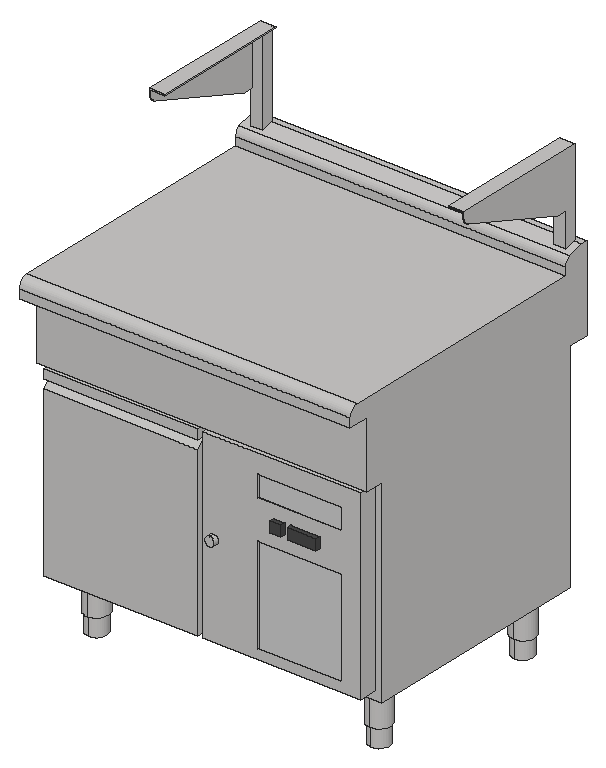
Revit family "QF_MOFFAT WALDORF_BTL8900S-RB", category Specialty Equipment, Revit 2012
Parameters
  Weight in Pounds = 266.759  # constant formula
  Width [instance] = 900.00 mm  # constant formula
  Watts = 250 W
  Volts = 240 V
  URL Cutsheet = "www.moffat.com"
  URL = "www.moffat.com"
  Type Mark [instance] = ""
  Status [instance] = ""
  Specification by User [instance] = ""
  Specification by Manufacturer = ""
  Show Clearance [instance] = yes
  Show Casters [instance] = no
  Serial Number = ""
  Seismic Rating = ""
  SMACNA No = ""
  Revision Code [instance] = ""
  Refrigerant Type = "R134a"
  Phase = 1
  Omniclass Number and Title = ""
  Number of Poles = 1
  NAFEM Spec ID Number = ""
  Model = "BTL8900S-RB"
  Min Ckt Ampacity = 0 A
  Max Overcurrent Protection = 0 A
  Masterspec = ""
  Manufacturer = "MOFFAT WALDORF"
  Legs [instance] = not(Show Casters)  # yes
  Item Number [instance] = ""
  Installed By [instance] = ""
  Identify Quantity as Lot [instance] = yes
  Height = 972.00 mm  # constant formula
  HP = ""
  Furnished By [instance] = ""
  Foodservice Equipment Identifier [instance] = yes
  FL Amps = 1.8 A
  Elec Conn RI Height = 0.00 mm
  Elec Conn Connection Height = 0.00 mm
  Description = "BENCH TOP LOW SPLASHBACK FOR SALAMANDER ON REFRIGERATED BASE"
  Depth [instance] = 805.00 mm  # constant formula
  Cycle = 50 Hz
  Conn Plug = ""
  Conn Conduit = yes
  CSI MasterFormat = ""
  CSI Master Format = ""
  Body Finish [instance] = QF_Finishes_Stainless Steel
  Back Splash [instance] = 215.00 mm  # constant formula
  Apparent Power = if(Phase = 3, Volts * FL Amps * 1.73, Volts * FL Amps)  # 432 VA
Reference planes
  plane 1 "BACK": y = 0
  plane 2: z = 0
  plane 3 "LEFT": x = 0
  plane 4 "RIGHT": x = 900
  plane 5 "FRONT": y = -805
  plane 6 "TOP": z = 972
  plane 7 "Center Y": x = 450
  plane 8 "Center X": y = -402.5
  plane 9 "Base Height": z = 150
  plane 10: z = 915
  plane 11: x = 65
  plane 12: x = 834.938
  plane 13: y = -625
  plane 14: z = 420
  plane 15: y = -135
Forms (mm)
  Extrusion 1, solid, material "QF_Finishes_Stainless Steel" <- "Body Finish"
    sketch origin (0, 0, 0) x (0, 1, 0) y (0, 0, 1)
      loop
        line (-699, 687) -> (-699, 150) -> (-57, 150) -> (-57, 740) -> (0, 740) -> (0, 972) -> (-16.5, 972) -> (-58, 960.88)
        arc (-58, 960.88) -> (-66.785, 952.095) -> (-70, 940.095) r 24
        line (-70, 940.095) -> (-70, 917) -> (-781, 917)
        arc (-781, 917) -> (-797.971, 909.971) -> (-805, 893) r 24
        line (-805, 893) -> (-805, 868) -> (-749, 868) -> (-749, 687) -> (-699, 687)
    from 0 to 900
  Revolve 2, solid, material "QF_Finishes_Stainless Steel", visible <- "Legs"
    sketch origin (65, -200, 0) x (0, 1, 0) y (0, 0, 1)
      loop
        line (33.25, 150) -> (33.25, 50) -> (37.5, 50) -> (37.5, 0) -> (65, 0) -> (65, 150) -> (33.25, 150)
      axis (65, 150) -> (65, 0)
    angle from 0 to 360
  Revolve 3, solid, material "QF_Finishes_Stainless Steel"
    sketch origin (65, -735, 0) x (0, 1, 0) y (0, 0, 1)
      loop
        line (78.25, 150) -> (78.25, 50) -> (82.5, 50) -> (82.5, 0) -> (110, 0) -> (110, 150) -> (78.25, 150)
      axis (110, 150) -> (110, 0)
    angle from 0 to 360
  Revolve 4, solid, material "QF_Finishes_Stainless Steel", visible <- "Legs"
    sketch origin (834.938, -200, 0) x (0, 1, 0) y (0, 0, -1)
      loop
        line (33.25, -150) -> (65, -150) -> (65, 0) -> (37.5, 0) -> (37.5, -50) -> (33.25, -50) -> (33.25, -150)
      axis (65, -150) -> (65, 0)
    angle from 0 to 360
  Revolve 5, solid, material "QF_Finishes_Stainless Steel"
    sketch origin (834.938, -735, 0) x (0, 1, 0) y (0, 0, -1)
      loop
        line (78.25, -150) -> (110, -150) -> (110, 0) -> (82.5, 0) -> (82.5, -50) -> (78.25, -50) -> (78.25, -150)
      axis (110, -150) -> (110, 0)
    angle from 0 to 360
  Extrusion 6, solid, material "QF_Finishes_Stainless Steel" <- "Body Finish"
    sketch origin (0, -70, 1085.255) x (0, 0, -1) y (1, 0, 0)
      loop
        line (400.255, 850) -> (400.255, 50) -> (842.755, 50) -> (842.755, 850) -> (400.255, 850)
      loop
        line (345.255, 0) -> (862.755, 0) -> (862.755, 900) -> (345.255, 900) -> (345.255, 0)
    from 0 to 629
  Extrusion 7, solid, material "QF_Finishes_Stainless Steel" <- "Body Finish"
    sketch origin (0, 0, 0) x (0, 1, 0) y (0, 0, 1)
      loop
        line (-747, 678) -> (-747, 653) -> (-722, 653) -> (-747, 628) -> (-747, 173.1) -> (-702.18, 173.1) -> (-702.18, 678) -> (-747, 678)
    from 19 to 439
  Extrusion 8, solid, material "QF_Finishes_Stainless Steel" <- "Body Finish"
    sketch origin (0, -699, 1085.255) x (0, 0, -1) y (1, 0, 0)
      loop
        line (408.155, 881) -> (408.155, 453) -> (912.155, 453) -> (912.155, 881) -> (408.155, 881)
      loop
        line (887.155, 831) -> (622.155, 831) -> (622.155, 601) -> (887.155, 601) -> (887.155, 831)
      loop
        line (458.155, 831) -> (458.155, 601) -> (518.155, 601) -> (518.155, 831) -> (458.155, 831)
    from 0 to 48
  Extrusion 9, solid, material "QF_Finishes_Vents"
    sketch origin (0, -699, 1085.255) x (0, 0, 1) y (1, 0, 0)
      loop
        line (-518.155, 601) -> (-458.155, 601) -> (-458.155, 831) -> (-518.155, 831) -> (-518.155, 601)
      loop
        line (-622.155, 601) -> (-622.155, 831) -> (-887.155, 831) -> (-887.155, 601) -> (-622.155, 601)
    from 0 to -44.529
  Extrusion 10, solid, material "QF_Finishes_Black"
    sketch origin (0, -747, 1085.255) x (0, 0, -1) y (1, 0, 0)
      loop
        line (552.615, 644.926) -> (582.615, 644.926) -> (582.615, 674.926) -> (552.615, 674.926) -> (552.615, 644.926)
      loop
        line (552.615, 692.503) -> (582.615, 692.503) -> (582.615, 770.815) -> (552.615, 770.815) -> (552.615, 692.503)
    from 0 to 12.7
  Extrusion 11, solid, material "QF_Finishes_Stainless Steel"
    sketch origin (0, -747, 1085.255) x (0, 0, -1) y (1, 0, 0)
      loop
        circle (661.385, 480.856) r 12.395
    from 0 to 12.7
  Extrusion 12, solid, material "QF_Finishes_Stainless Steel"
    sketch origin (-144.5, -57, 740) x (0, 0, -1) y (-1, 0, 0)
      loop
        circle (320, -762.653) r 10
    from 0 to 1.993
  Extrusion 13, solid, material "QF_Finishes_Stainless Steel" <- "Body Finish"
    sketch origin (0, 0, 0) x (0, 1, 0) y (0, 0, 1)
      loop
        line (-13, 1204.5) -> (-45, 1204.5) -> (-45, 964.363) -> (-16.5, 972) -> (-13, 972) -> (-13, 1204.5)
    from 21.5 to 53.5
  Extrusion 14, solid, material "QF_Finishes_Stainless Steel" <- "Body Finish"
    sketch origin (0, 0, 0) x (0, 1, 0) y (0, 0, 1)
      loop
        line (-391, 1207) -> (-391, 1194.344)
        arc (-391, 1194.344) -> (-386.541, 1180.094) -> (-374.754, 1170.927) r 25
        line (-374.754, 1170.927) -> (-70, 1057) -> (-13, 1057) -> (-13, 1207) -> (-391, 1207)
    from 21.5 to 24.592
  Extrusion 15, solid, material "QF_Finishes_Stainless Steel" <- "Body Finish"
    sketch origin (0, -45, 1204.5) x (0, 1, 0) y (-1, 0, 0)
      loop
        line (32, -24.592) -> (-346, -24.592) -> (-346, -64) -> (32, -64) -> (32, -24.592)
    from 0 to 2.5
  Extrusion 16, solid, material "QF_Finishes_Stainless Steel" <- "Body Finish"
    sketch origin (900, 0, 0) x (0, -1, 0) y (0, 0, 1)
      loop
        line (13, 1204.5) -> (13, 972) -> (16.5, 972) -> (45, 964.363) -> (45, 1204.5) -> (13, 1204.5)
    from 21.5 to 53.5
  Extrusion 17, solid, material "QF_Finishes_Stainless Steel" <- "Body Finish"
    sketch origin (900, 0, 0) x (0, -1, 0) y (0, 0, 1)
      loop
        line (391, 1207) -> (13, 1207) -> (13, 1057) -> (70, 1057) -> (374.754, 1170.927)
        arc (374.754, 1170.927) -> (386.541, 1180.094) -> (391, 1194.344) r 25
        line (391, 1194.344) -> (391, 1207)
    from 21.5 to 24.592
  Extrusion 18, solid, material "QF_Finishes_Stainless Steel" <- "Body Finish"
    sketch origin (900, -45, 1204.5) x (0, 1, 0) y (-1, 0, 0)
      loop
        line (32, 24.592) -> (32, 64) -> (-346, 64) -> (-346, 24.592) -> (32, 24.592)
    from 0 to 2.5
  Extrusion 19, solid, material "QF_Clearance", visible <- "Show Clearance", detail levels coarse
    sketch origin (0, -391, 1207) x (0, 1, 0) y (-1, 0, 0)
      loop
        line (378, -21.5) -> (0, -21.5) -> (0, -878.5) -> (378, -878.5) -> (378, -21.5)
    from 0 to 405
  Extrusion 20, solid, material "QF_Door-Drawer Clearances", visible <- "Show Clearance", detail levels coarse
    sketch origin (0, -697, 173.1) x (-1, 0, 0) y (0, 1, 0)
      loop
        line (-18.841, -50.411) -> (-438.841, -50.411)
        arc (-438.841, -50.411) -> (-315.825, -347.396) -> (-18.841, -470.411) r 420
        line (-18.841, -470.411) -> (-18.841, -50.411)
    from 0 to -504.9
Cuts and joins
  joined: Extrusion 1, Extrusion 6
  joined: Extrusion 13, Extrusion 14, Extrusion 15
  joined: Extrusion 16, Extrusion 17, Extrusion 18
Lines and regions (mm)
  Split face 1
    outline origin (900, -16.5, 972) x (-1, 0, 0) y (0, -0.965926, -0.258819)
      loop
        line (770.5, 3.416) -> (770.5, 30.86) -> (750.5, 30.86) -> (750.5, 3.416) -> (770.5, 3.416)
  Split face 2
    outline origin (900, -16.5, 972) x (-1, 0, 0) y (0, -0.965926, -0.258819)
      loop
        line (743.544, 3.416) -> (743.544, 30.86) -> (723.544, 30.86) -> (723.544, 3.416) -> (743.544, 3.416)
  Split face 3
    outline origin (900, -16.5, 972) x (-1, 0, 0) y (0, -0.965926, -0.258819)
      loop
        line (696.446, 3.416) -> (716.446, 3.416) -> (716.446, 30.86) -> (696.446, 30.86) -> (696.446, 3.416)
  Split face 4
    outline origin (900, -16.5, 972) x (-1, 0, 0) y (0, -0.965926, -0.258819)
      loop
        line (669.453, 30.86) -> (669.453, 3.416) -> (689.453, 3.416) -> (689.453, 30.86) -> (669.453, 30.86)
  Split face 5
    outline origin (900, -16.5, 972) x (-1, 0, 0) y (0, -0.965926, -0.258819)
      loop
        line (642.5, 30.86) -> (642.5, 3.416) -> (662.5, 3.416) -> (662.5, 30.86) -> (642.5, 30.86)
  Split face 6
    outline origin (900, -16.5, 972) x (-1, 0, 0) y (0, -0.965926, -0.258819)
      loop
        line (615.5, 30.86) -> (615.5, 3.416) -> (635.5, 3.416) -> (635.5, 30.86) -> (615.5, 30.86)
  Split face 7
    outline origin (900, -16.5, 972) x (-1, 0, 0) y (0, -0.965926, -0.258819)
      loop
        line (588.5, 30.86) -> (588.5, 3.416) -> (608.5, 3.416) -> (608.5, 30.86) -> (588.5, 30.86)
  Split face 8
    outline origin (900, -16.5, 972) x (-1, 0, 0) y (0, -0.965926, -0.258819)
      loop
        line (581.5, 30.86) -> (561.5, 30.86) -> (561.5, 3.416) -> (581.5, 3.416) -> (581.5, 30.86)
  Split face 9
    outline origin (900, -16.5, 972) x (-1, 0, 0) y (0, -0.965926, -0.258819)
      loop
        line (554.5, 3.416) -> (554.5, 30.86) -> (534.5, 30.86) -> (534.5, 3.416) -> (554.5, 3.416)
  Split face 10
    outline origin (900, -16.5, 972) x (-1, 0, 0) y (0, -0.965926, -0.258819)
      loop
        line (507.5, 30.86) -> (507.5, 3.416) -> (527.5, 3.416) -> (527.5, 30.86) -> (507.5, 30.86)
  Split face 11
    outline origin (900, -16.5, 972) x (-1, 0, 0) y (0, -0.965926, -0.258819)
      loop
        line (480.5, 30.86) -> (480.5, 3.416) -> (500.5, 3.416) -> (500.5, 30.86) -> (480.5, 30.86)
  Split face 12
    outline origin (900, -16.5, 972) x (-1, 0, 0) y (0, -0.965926, -0.258819)
      loop
        line (453.5, 30.86) -> (453.5, 3.416) -> (473.5, 3.416) -> (473.5, 30.86) -> (453.5, 30.86)
  Split face 13
    outline origin (900, -16.5, 972) x (-1, 0, 0) y (0, -0.965926, -0.258819)
      loop
        line (426.5, 3.416) -> (446.5, 3.416) -> (446.5, 30.86) -> (426.5, 30.86) -> (426.5, 3.416)
  Split face 14
    outline origin (900, -16.5, 972) x (-1, 0, 0) y (0, -0.965926, -0.258819)
      loop
        line (399.5, 3.416) -> (419.5, 3.416) -> (419.5, 30.86) -> (399.5, 30.86) -> (399.5, 3.416)
  Split face 15
    outline origin (900, -16.5, 972) x (-1, 0, 0) y (0, -0.965926, -0.258819)
      loop
        line (372.5, 3.416) -> (392.5, 3.416) -> (392.5, 30.86) -> (372.5, 30.86) -> (372.5, 3.416)
  Split face 16
    outline origin (900, -16.5, 972) x (-1, 0, 0) y (0, -0.965926, -0.258819)
      loop
        line (345.5, 30.86) -> (345.5, 3.416) -> (365.5, 3.416) -> (365.5, 30.86) -> (345.5, 30.86)
  Split face 17
    outline origin (900, -16.5, 972) x (-1, 0, 0) y (0, -0.965926, -0.258819)
      loop
        line (338.5, 30.86) -> (318.5, 30.86) -> (318.5, 3.416) -> (338.5, 3.416) -> (338.5, 30.86)
  Split face 18
    outline origin (900, -16.5, 972) x (-1, 0, 0) y (0, -0.965926, -0.258819)
      loop
        line (291.5, 3.416) -> (311.5, 3.416) -> (311.5, 30.86) -> (291.5, 30.86) -> (291.5, 3.416)
  Split face 19
    outline origin (900, -16.5, 972) x (-1, 0, 0) y (0, -0.965926, -0.258819)
      loop
        line (264.5, 3.416) -> (284.5, 3.416) -> (284.5, 30.86) -> (264.5, 30.86) -> (264.5, 3.416)
  Split face 20
    outline origin (900, -16.5, 972) x (-1, 0, 0) y (0, -0.965926, -0.258819)
      loop
        line (257.5, 3.416) -> (257.5, 30.86) -> (237.5, 30.86) -> (237.5, 3.416) -> (257.5, 3.416)
  Split face 21
    outline origin (900, -16.5, 972) x (-1, 0, 0) y (0, -0.965926, -0.258819)
      loop
        line (230.5, 30.86) -> (210.5, 30.86) -> (210.5, 3.416) -> (230.5, 3.416) -> (230.5, 30.86)
  Split face 22
    outline origin (900, -16.5, 972) x (-1, 0, 0) y (0, -0.965926, -0.258819)
      loop
        line (183.5, 30.86) -> (183.5, 3.416) -> (203.5, 3.416) -> (203.5, 30.86) -> (183.5, 30.86)
  Split face 23
    outline origin (900, -16.5, 972) x (-1, 0, 0) y (0, -0.965926, -0.258819)
      loop
        line (176.5, 30.86) -> (156.5, 30.86) -> (156.5, 3.416) -> (176.5, 3.416) -> (176.5, 30.86)
  Split face 24
    outline origin (900, -16.5, 972) x (-1, 0, 0) y (0, -0.965926, -0.258819)
      loop
        line (129.5, 30.86) -> (129.5, 3.416) -> (149.5, 3.416) -> (149.5, 30.86) -> (129.5, 30.86)
  symbolic lines
    curve 1: line (0, 0, 0) -> (0, -805, 0)
    curve 2: line (900, 0, 0) -> (0, 0, 0)
    curve 3: line (900, -805, 0) -> (900, 0, 0)
    curve 4: line (0, -70, 0) -> (21.5, -70, 0)
    curve 5: line (0, -805, 0) -> (900, -805, 0)
    curve 6: line (129.5, -50.642, 0) -> (129.5, -22.583, 0)
    curve 7: line (129.5, -22.583, 0) -> (149.5, -22.583, 0)
    curve 8: line (149.5, -22.583, 0) -> (149.5, -50.642, 0)
    curve 9: line (149.5, -50.642, 0) -> (129.5, -50.642, 0)
    curve 10: line (156.456, -50.642, 0) -> (156.456, -22.583, 0)
    curve 11: line (156.456, -22.583, 0) -> (176.456, -22.583, 0)
    curve 12: line (176.456, -22.583, 0) -> (176.456, -50.642, 0)
    curve 13: line (176.456, -50.642, 0) -> (156.456, -50.642, 0)
    curve 14: line (183.554, -50.642, 0) -> (183.554, -22.583, 0)
    curve 15: line (183.554, -22.583, 0) -> (203.554, -22.583, 0)
    curve 16: line (203.554, -22.583, 0) -> (203.554, -50.642, 0)
    curve 17: line (203.554, -50.642, 0) -> (183.554, -50.642, 0)
    curve 18: line (210.547, -50.642, 0) -> (210.547, -22.583, 0)
    curve 19: line (210.547, -22.583, 0) -> (230.547, -22.583, 0)
    curve 20: line (230.547, -22.583, 0) -> (230.547, -50.642, 0)
    curve 21: line (230.547, -50.642, 0) -> (210.547, -50.642, 0)
    curve 22: line (237.5, -50.642, 0) -> (237.5, -22.583, 0)
    curve 23: line (237.5, -22.583, 0) -> (257.5, -22.583, 0)
    curve 24: line (257.5, -22.583, 0) -> (257.5, -50.642, 0)
    curve 25: line (257.5, -50.642, 0) -> (237.5, -50.642, 0)
    curve 26: line (264.5, -50.642, 0) -> (264.5, -22.583, 0)
    curve 27: line (264.5, -22.583, 0) -> (284.5, -22.583, 0)
    curve 28: line (284.5, -22.583, 0) -> (284.5, -50.642, 0)
    curve 29: line (284.5, -50.642, 0) -> (264.5, -50.642, 0)
    curve 30: line (291.5, -50.642, 0) -> (291.5, -22.583, 0)
    curve 31: line (291.5, -22.583, 0) -> (311.5, -22.583, 0)
    curve 32: line (311.5, -22.583, 0) -> (311.5, -50.642, 0)
    curve 33: line (311.5, -50.642, 0) -> (291.5, -50.642, 0)
    curve 34: line (318.5, -50.642, 0) -> (318.5, -22.583, 0)
    curve 35: line (318.5, -22.583, 0) -> (338.5, -22.583, 0)
    curve 36: line (338.5, -22.583, 0) -> (338.5, -50.642, 0)
    curve 37: line (338.5, -50.642, 0) -> (318.5, -50.642, 0)
    curve 38: line (345.5, -50.642, 0) -> (345.5, -22.583, 0)
    curve 39: line (345.5, -22.583, 0) -> (365.5, -22.583, 0)
    curve 40: line (365.5, -22.583, 0) -> (365.5, -50.642, 0)
    curve 41: line (365.5, -50.642, 0) -> (345.5, -50.642, 0)
    curve 42: line (372.5, -50.642, 0) -> (372.5, -22.583, 0)
    curve 43: line (372.5, -22.583, 0) -> (392.5, -22.583, 0)
    curve 44: line (392.5, -22.583, 0) -> (392.5, -50.642, 0)
    curve 45: line (392.5, -50.642, 0) -> (372.5, -50.642, 0)
    curve 46: line (399.5, -50.642, 0) -> (399.5, -22.583, 0)
    curve 47: line (399.5, -22.583, 0) -> (419.5, -22.583, 0)
    curve 48: line (419.5, -22.583, 0) -> (419.5, -50.642, 0)
    curve 49: line (419.5, -50.642, 0) -> (399.5, -50.642, 0)
    curve 50: line (426.5, -50.642, 0) -> (426.5, -22.583, 0)
    curve 51: line (426.5, -22.583, 0) -> (446.5, -22.583, 0)
    curve 52: line (446.5, -22.583, 0) -> (446.5, -50.642, 0)
    curve 53: line (446.5, -50.642, 0) -> (426.5, -50.642, 0)
    curve 54: line (453.5, -50.642, 0) -> (453.5, -22.583, 0)
    curve 55: line (453.5, -22.583, 0) -> (473.5, -22.583, 0)
    curve 56: line (473.5, -22.583, 0) -> (473.5, -50.642, 0)
    curve 57: line (473.5, -50.642, 0) -> (453.5, -50.642, 0)
    curve 58: line (480.5, -50.642, 0) -> (480.5, -22.583, 0)
    curve 59: line (480.5, -22.583, 0) -> (500.5, -22.583, 0)
    curve 60: line (500.5, -22.583, 0) -> (500.5, -50.642, 0)
    curve 61: line (500.5, -50.642, 0) -> (480.5, -50.642, 0)
    curve 62: line (507.5, -50.642, 0) -> (507.5, -22.583, 0)
    curve 63: line (507.5, -22.583, 0) -> (527.5, -22.583, 0)
    curve 64: line (527.5, -22.583, 0) -> (527.5, -50.642, 0)
    curve 65: line (527.5, -50.642, 0) -> (507.5, -50.642, 0)
    curve 66: line (534.5, -50.642, 0) -> (534.5, -22.583, 0)
    curve 67: line (534.5, -22.583, 0) -> (554.5, -22.583, 0)
    curve 68: line (554.5, -22.583, 0) -> (554.5, -50.642, 0)
    curve 69: line (554.5, -50.642, 0) -> (534.5, -50.642, 0)
    curve 70: line (561.5, -50.642, 0) -> (561.5, -22.583, 0)
    curve 71: line (561.5, -22.583, 0) -> (581.5, -22.583, 0)
    curve 72: line (581.5, -22.583, 0) -> (581.5, -50.642, 0)
    curve 73: line (581.5, -50.642, 0) -> (561.5, -50.642, 0)
    curve 74: line (588.5, -50.642, 0) -> (588.5, -22.583, 0)
    curve 75: line (588.5, -22.583, 0) -> (608.5, -22.583, 0)
    curve 76: line (608.5, -22.583, 0) -> (608.5, -50.642, 0)
    curve 77: line (608.5, -50.642, 0) -> (588.5, -50.642, 0)
    curve 78: line (615.5, -50.642, 0) -> (615.5, -22.583, 0)
    curve 79: line (615.5, -22.583, 0) -> (635.5, -22.583, 0)
    curve 80: line (635.5, -22.583, 0) -> (635.5, -50.642, 0)
    curve 81: line (635.5, -50.642, 0) -> (615.5, -50.642, 0)
    curve 82: line (642.5, -50.642, 0) -> (642.5, -22.583, 0)
    curve 83: line (642.5, -22.583, 0) -> (662.5, -22.583, 0)
    curve 84: line (662.5, -22.583, 0) -> (662.5, -50.642, 0)
    curve 85: line (662.5, -50.642, 0) -> (642.5, -50.642, 0)
    curve 86: line (669.5, -50.642, 0) -> (669.5, -22.583, 0)
    curve 87: line (669.5, -22.583, 0) -> (689.5, -22.583, 0)
    curve 88: line (689.5, -22.583, 0) -> (689.5, -50.642, 0)
    curve 89: line (689.5, -50.642, 0) -> (669.5, -50.642, 0)
    curve 90: line (696.5, -50.642, 0) -> (696.5, -22.583, 0)
    curve 91: line (696.5, -22.583, 0) -> (716.5, -22.583, 0)
    curve 92: line (716.5, -22.583, 0) -> (716.5, -50.642, 0)
    curve 93: line (716.5, -50.642, 0) -> (696.5, -50.642, 0)
    curve 94: line (723.5, -50.642, 0) -> (723.5, -22.583, 0)
    curve 95: line (723.5, -22.583, 0) -> (743.5, -22.583, 0)
    curve 96: line (743.5, -22.583, 0) -> (743.5, -50.642, 0)
    curve 97: line (743.5, -50.642, 0) -> (723.5, -50.642, 0)
    curve 98: line (750.5, -50.642, 0) -> (750.5, -22.583, 0)
    curve 99: line (750.5, -22.583, 0) -> (770.5, -22.583, 0)
    curve 100: line (770.5, -22.583, 0) -> (770.5, -50.642, 0)
    curve 101: line (770.5, -50.642, 0) -> (750.5, -50.642, 0)
    curve 102: line (21.5, -391, 0) -> (64, -391, 0)
    curve 103: line (21.5, -13, 0) -> (21.5, -391, 0)
    curve 104: line (64, -391, 0) -> (64, -13, 0)
    curve 105: line (64, -13, 0) -> (21.5, -13, 0)
    curve 106: line (878.5, -391, 0) -> (836, -391, 0)
    curve 107: line (878.5, -13, 0) -> (878.5, -391, 0)
    curve 108: line (836, -391, 0) -> (836, -13, 0)
    curve 109: line (836, -13, 0) -> (878.5, -13, 0)
    curve 114: line (64, -70, 0) -> (836, -70, 0)
    curve 115: line (878.5, -70, 0) -> (900, -70, 0)
  symbolic lines, style "QF_Clearances", visible <- "Show Clearance"
    curve 110: line (878.5, -13, 0) -> (21.5, -13, 0)
    curve 111: line (21.5, -13, 0) -> (21.5, -391, 0)
    curve 112: line (21.5, -391, 0) -> (878.5, -391, 0)
    curve 113: line (878.5, -391, 0) -> (878.5, -13, 0)
  symbolic lines, style "QF_Door-Drawer Clearances"
    curve 116: line (76.429, -805, 0) -> (315.825, -1044.396, 0)
    curve 117: arc (434.874, -805, 0) -> (394.907, -934.424, 0) -> (315.825, -1044.396, 0) r 420
Dimensions and locks
  equal spacing: plane 3 "LEFT", plane 7 "Center Y", plane 4 "RIGHT"
  "Width": plane 3 "LEFT" to plane 4 "RIGHT"
  equal spacing: plane 5 "FRONT", plane 8 "Center X", plane 1 "BACK"
  "Depth": plane 5 "FRONT" to plane 1 "BACK"
  locked: plane 10 to level at 915
  locked: plane 9 "Base Height" to level at 150
  plane 6 "TOP" to plane 10 = 57.00 mm
  plane 12 to plane 11 = 769.938 mm
  "Height": plane 6 "TOP" to level
  Extrusion 19 to level = 1612.00 mm
  plane 13 to plane 15 = 490.00 mm
  aligned and locked: level to plane 2
Automatic sketch dimensions
  Revolve 2 sketch curve to plane 9 "Base Height" = 0.00 mm
  Revolve 2 sketch curve to level = 0.00 mm
  Revolve 2 sketch curve to Revolve 2 sketch curve = 27.50 mm  (x2)
  Revolve 2 sketch curve to Revolve 2 sketch curve = 31.75 mm
  Revolve 2 sketch curve to level = 55.00 mm
  Revolve 2 sketch curve to Revolve 2 sketch curve = 50.00 mm
  Revolve 2 sketch curve to Revolve 2 sketch curve = 0.00 mm
  Revolve 3 sketch curve to plane 9 "Base Height" = 0.00 mm
  Revolve 3 sketch curve to level = 0.00 mm
  Revolve 3 sketch curve to plane 13 = 0.00 mm  (x2)
  Revolve 3 sketch curve to plane 13 = 27.50 mm
  Revolve 3 sketch curve to Revolve 3 sketch curve = 31.75 mm
  Revolve 3 sketch curve to Revolve 3 sketch curve = 55.00 mm
  level to Revolve 3 sketch curve = 50.00 mm
  Revolve 3 sketch curve to Revolve 3 sketch curve = 0.00 mm
  Revolve 4 sketch curve to plane 9 "Base Height" = 0.00 mm
  Revolve 4 sketch curve to level = 0.00 mm
  Revolve 4 sketch curve to Revolve 4 sketch curve = 27.50 mm  (x2)
  Revolve 4 sketch curve to Revolve 4 sketch curve = 31.75 mm
  level to Revolve 4 sketch curve = 50.00 mm
  Revolve 4 sketch curve to Revolve 4 sketch curve = 0.00 mm
  Revolve 4 sketch curve to Revolve 4 sketch curve = 55.00 mm
  Revolve 5 sketch curve to plane 9 "Base Height" = 0.00 mm
  Revolve 5 sketch curve to level = 0.00 mm
  Revolve 5 sketch curve to plane 13 = 0.00 mm  (x2)
  Revolve 5 sketch curve to plane 13 = 27.50 mm
  Revolve 5 sketch curve to plane 13 = 31.75 mm
  level to Revolve 5 sketch curve = 50.00 mm
  Revolve 5 sketch curve to Revolve 5 sketch curve = 0.00 mm
  Revolve 5 sketch curve to Revolve 5 sketch curve = 55.00 mm
  Extrusion 6 sketch curve to plane 3 "LEFT" = 0.00 mm
  plane 4 "RIGHT" to Extrusion 6 sketch curve = 0.00 mm
  Extrusion 6 sketch curve to plane 10 = 175.00 mm
  Extrusion 6 sketch curve to plane 12 = 15.063 mm
  Extrusion 6 sketch curve to Extrusion 6 sketch curve = 55.00 mm
  plane 9 "Base Height" to Extrusion 6 sketch curve = 92.50 mm
  Extrusion 6 sketch curve to Extrusion 6 sketch curve = 20.00 mm
  Extrusion 6 sketch curve to plane 11 = 15.00 mm
  cut or joined group of Extrusion 1, Extrusion 6 to Split face 1 sketch curve = 3.416 mm
  Split face 1 sketch curve to cut or joined group of Extrusion 1, Extrusion 6 = 149.50 mm
  Split face 1 sketch curve to Split face 1 sketch curve = 20.00 mm
  Split face 1 sketch curve to cut or joined group of Extrusion 1, Extrusion 6 = 12.104 mm
  cut or joined group of Extrusion 1, Extrusion 6 to Split face 2 sketch curve = 3.416 mm
  Split face 2 sketch curve to cut or joined group of Extrusion 1, Extrusion 6 = 176.456 mm
  Split face 2 sketch curve to Split face 2 sketch curve = 20.00 mm
  Split face 2 sketch curve to cut or joined group of Extrusion 1, Extrusion 6 = 12.104 mm
  Split face 3 sketch curve to cut or joined group of Extrusion 1, Extrusion 6 = 12.104 mm
  Split face 3 sketch curve to cut or joined group of Extrusion 1, Extrusion 6 = 203.554 mm
  cut or joined group of Extrusion 1, Extrusion 6 to Split face 3 sketch curve = 3.416 mm
  Split face 3 sketch curve to Split face 3 sketch curve = 20.00 mm
  Split face 4 sketch curve to cut or joined group of Extrusion 1, Extrusion 6 = 12.104 mm
  Split face 4 sketch curve to cut or joined group of Extrusion 1, Extrusion 6 = 230.547 mm
  cut or joined group of Extrusion 1, Extrusion 6 to Split face 4 sketch curve = 3.416 mm
  Split face 4 sketch curve to Split face 4 sketch curve = 20.00 mm
  cut or joined group of Extrusion 1, Extrusion 6 to Split face 5 sketch curve = 3.416 mm
  Split face 5 sketch curve to cut or joined group of Extrusion 1, Extrusion 6 = 257.50 mm
  Split face 5 sketch curve to Split face 5 sketch curve = 20.00 mm
  Split face 5 sketch curve to cut or joined group of Extrusion 1, Extrusion 6 = 12.104 mm
  Split face 6 sketch curve to cut or joined group of Extrusion 1, Extrusion 6 = 12.104 mm
  Split face 6 sketch curve to cut or joined group of Extrusion 1, Extrusion 6 = 284.50 mm
  cut or joined group of Extrusion 1, Extrusion 6 to Split face 6 sketch curve = 3.416 mm
  Split face 6 sketch curve to Split face 6 sketch curve = 20.00 mm
  Split face 7 sketch curve to cut or joined group of Extrusion 1, Extrusion 6 = 12.104 mm
  Split face 7 sketch curve to cut or joined group of Extrusion 1, Extrusion 6 = 311.50 mm
  cut or joined group of Extrusion 1, Extrusion 6 to Split face 7 sketch curve = 3.416 mm
  Split face 7 sketch curve to Split face 7 sketch curve = 20.00 mm
  Split face 8 sketch curve to cut or joined group of Extrusion 1, Extrusion 6 = 12.104 mm
  Split face 8 sketch curve to cut or joined group of Extrusion 1, Extrusion 6 = 338.50 mm
  cut or joined group of Extrusion 1, Extrusion 6 to Split face 8 sketch curve = 3.416 mm
  Split face 8 sketch curve to Split face 8 sketch curve = 20.00 mm
  cut or joined group of Extrusion 1, Extrusion 6 to Split face 9 sketch curve = 3.416 mm
  Split face 9 sketch curve to cut or joined group of Extrusion 1, Extrusion 6 = 365.50 mm
  Split face 9 sketch curve to Split face 9 sketch curve = 20.00 mm
  Split face 9 sketch curve to cut or joined group of Extrusion 1, Extrusion 6 = 12.104 mm
  Split face 10 sketch curve to cut or joined group of Extrusion 1, Extrusion 6 = 12.104 mm
  Split face 10 sketch curve to cut or joined group of Extrusion 1, Extrusion 6 = 392.50 mm
  cut or joined group of Extrusion 1, Extrusion 6 to Split face 10 sketch curve = 3.416 mm
  Split face 10 sketch curve to Split face 10 sketch curve = 20.00 mm
  Split face 11 sketch curve to cut or joined group of Extrusion 1, Extrusion 6 = 12.104 mm
  Split face 11 sketch curve to cut or joined group of Extrusion 1, Extrusion 6 = 419.50 mm
  cut or joined group of Extrusion 1, Extrusion 6 to Split face 11 sketch curve = 3.416 mm
  Split face 11 sketch curve to Split face 11 sketch curve = 20.00 mm
  Split face 12 sketch curve to cut or joined group of Extrusion 1, Extrusion 6 = 12.104 mm
  Split face 12 sketch curve to cut or joined group of Extrusion 1, Extrusion 6 = 446.50 mm
  cut or joined group of Extrusion 1, Extrusion 6 to Split face 12 sketch curve = 3.416 mm
  Split face 12 sketch curve to Split face 12 sketch curve = 20.00 mm
  cut or joined group of Extrusion 1, Extrusion 6 to Split face 13 sketch curve = 3.416 mm
  Split face 13 sketch curve to cut or joined group of Extrusion 1, Extrusion 6 = 426.50 mm
  Split face 13 sketch curve to Split face 13 sketch curve = 20.00 mm
  Split face 13 sketch curve to cut or joined group of Extrusion 1, Extrusion 6 = 12.104 mm
  cut or joined group of Extrusion 1, Extrusion 6 to Split face 14 sketch curve = 3.416 mm
  Split face 14 sketch curve to cut or joined group of Extrusion 1, Extrusion 6 = 399.50 mm
  Split face 14 sketch curve to Split face 14 sketch curve = 20.00 mm
  Split face 14 sketch curve to cut or joined group of Extrusion 1, Extrusion 6 = 12.104 mm
  cut or joined group of Extrusion 1, Extrusion 6 to Split face 15 sketch curve = 3.416 mm
  Split face 15 sketch curve to cut or joined group of Extrusion 1, Extrusion 6 = 372.50 mm
  Split face 15 sketch curve to Split face 15 sketch curve = 20.00 mm
  Split face 15 sketch curve to cut or joined group of Extrusion 1, Extrusion 6 = 12.104 mm
  Split face 16 sketch curve to cut or joined group of Extrusion 1, Extrusion 6 = 12.104 mm
  Split face 16 sketch curve to cut or joined group of Extrusion 1, Extrusion 6 = 345.50 mm
  cut or joined group of Extrusion 1, Extrusion 6 to Split face 16 sketch curve = 3.416 mm
  Split face 16 sketch curve to Split face 16 sketch curve = 20.00 mm
  Split face 17 sketch curve to cut or joined group of Extrusion 1, Extrusion 6 = 12.104 mm
  Split face 17 sketch curve to cut or joined group of Extrusion 1, Extrusion 6 = 318.50 mm
  cut or joined group of Extrusion 1, Extrusion 6 to Split face 17 sketch curve = 3.416 mm
  Split face 17 sketch curve to Split face 17 sketch curve = 20.00 mm
  Split face 18 sketch curve to cut or joined group of Extrusion 1, Extrusion 6 = 12.104 mm
  Split face 18 sketch curve to cut or joined group of Extrusion 1, Extrusion 6 = 291.50 mm
  cut or joined group of Extrusion 1, Extrusion 6 to Split face 18 sketch curve = 3.416 mm
  Split face 18 sketch curve to Split face 18 sketch curve = 20.00 mm
  cut or joined group of Extrusion 1, Extrusion 6 to Split face 19 sketch curve = 3.416 mm
  Split face 19 sketch curve to cut or joined group of Extrusion 1, Extrusion 6 = 264.50 mm
  Split face 19 sketch curve to Split face 19 sketch curve = 20.00 mm
  Split face 19 sketch curve to cut or joined group of Extrusion 1, Extrusion 6 = 12.104 mm
  cut or joined group of Extrusion 1, Extrusion 6 to Split face 20 sketch curve = 3.416 mm
  Split face 20 sketch curve to cut or joined group of Extrusion 1, Extrusion 6 = 237.50 mm
  Split face 20 sketch curve to Split face 20 sketch curve = 20.00 mm
  Split face 20 sketch curve to cut or joined group of Extrusion 1, Extrusion 6 = 12.104 mm
  Split face 21 sketch curve to cut or joined group of Extrusion 1, Extrusion 6 = 12.104 mm
  Split face 21 sketch curve to cut or joined group of Extrusion 1, Extrusion 6 = 210.50 mm
  cut or joined group of Extrusion 1, Extrusion 6 to Split face 21 sketch curve = 3.416 mm
  Split face 21 sketch curve to Split face 21 sketch curve = 20.00 mm
  cut or joined group of Extrusion 1, Extrusion 6 to Split face 22 sketch curve = 3.416 mm
  Split face 22 sketch curve to cut or joined group of Extrusion 1, Extrusion 6 = 183.50 mm
  Split face 22 sketch curve to Split face 22 sketch curve = 20.00 mm
  Split face 22 sketch curve to cut or joined group of Extrusion 1, Extrusion 6 = 12.104 mm
  Split face 23 sketch curve to cut or joined group of Extrusion 1, Extrusion 6 = 12.104 mm
  Split face 23 sketch curve to cut or joined group of Extrusion 1, Extrusion 6 = 156.50 mm
  cut or joined group of Extrusion 1, Extrusion 6 to Split face 23 sketch curve = 3.416 mm
  Split face 23 sketch curve to Split face 23 sketch curve = 20.00 mm
  cut or joined group of Extrusion 1, Extrusion 6 to Split face 24 sketch curve = 3.416 mm
  Split face 24 sketch curve to cut or joined group of Extrusion 1, Extrusion 6 = 129.50 mm
  Split face 24 sketch curve to Split face 24 sketch curve = 20.00 mm
  Split face 24 sketch curve to cut or joined group of Extrusion 1, Extrusion 6 = 12.104 mm
  Extrusion 7 sketch curve to plane 5 "FRONT" = 58.00 mm  (x2)
  plane 9 "Base Height" to Extrusion 7 sketch curve = 23.10 mm
  Extrusion 7 sketch curve to Extrusion 7 sketch curve = 25.00 mm  (x3)
  Extrusion 7 sketch curve to Extrusion 7 sketch curve = 44.82 mm
  plane 14 to Extrusion 7 sketch curve = 208.00 mm
  Extrusion 6 to Extrusion 8 sketch curve = 7.90 mm
  Extrusion 6 to Extrusion 8 sketch curve = 57.90 mm
  Extrusion 8 sketch curve to Extrusion 8 sketch curve = 60.00 mm
  Extrusion 8 sketch curve to Extrusion 8 sketch curve = 104.00 mm
  Extrusion 6 to Extrusion 8 sketch curve = 24.40 mm
  Extrusion 8 sketch curve to Extrusion 6 = 19.00 mm
  Extrusion 6 to Extrusion 8 sketch curve = 49.40 mm
  Extrusion 6 to Extrusion 8 sketch curve = 19.00 mm  (x2)
  Extrusion 8 sketch curve to Extrusion 8 sketch curve = 230.00 mm
  Extrusion 8 sketch curve to Extrusion 8 sketch curve = 0.00 mm
  Extrusion 8 sketch curve to Extrusion 8 sketch curve = 148.00 mm
  Extrusion 9 sketch curve to Extrusion 8 = 0.00 mm  (x6)
  Extrusion 8 to Extrusion 9 sketch curve = 0.00 mm  (x2)
  Extrusion 10 sketch curve to Extrusion 8 = 34.46 mm  (x2)
  Extrusion 10 sketch curve to Extrusion 10 sketch curve = 30.00 mm  (x2)
  Extrusion 10 sketch curve to Extrusion 10 sketch curve = 0.00 mm
  Extrusion 8 to Extrusion 10 sketch curve = 43.926 mm
  Extrusion 10 sketch curve to Extrusion 10 sketch curve = 17.577 mm
  Extrusion 8 to Extrusion 10 sketch curve = 60.185 mm
  Extrusion 8 to Extrusion 11 sketch curve = 39.229 mm
  Extrusion 11 sketch curve to Extrusion 8 = 27.856 mm
  Extrusion 1 to Extrusion 12 sketch curve = 270.00 mm
  Extrusion 1 to Extrusion 12 sketch curve = 281.847 mm
  Extrusion 13 sketch curve to plane 6 "TOP" = 0.00 mm
  Extrusion 13 sketch curve to plane 6 "TOP" = 7.637 mm
  plane 1 "BACK" to Extrusion 13 sketch curve = 45.00 mm
  plane 1 "BACK" to Extrusion 13 sketch curve = 16.50 mm
  Extrusion 13 sketch curve to Extrusion 13 sketch curve = 3.50 mm
  plane 6 "TOP" to Extrusion 13 sketch curve = 232.50 mm
  plane 8 "Center X" to Extrusion 14 sketch curve = 11.50 mm
  plane 8 "Center X" to Extrusion 14 sketch curve = 27.746 mm
  Extrusion 14 sketch curve to Extrusion 14 sketch curve = 8.754 mm
  plane 1 "BACK" to Extrusion 14 sketch curve = 13.00 mm
  plane 6 "TOP" to Extrusion 14 sketch curve = 85.00 mm
  plane 6 "TOP" to Extrusion 14 sketch curve = 198.927 mm
  Extrusion 14 sketch curve to Extrusion 14 sketch curve = 12.656 mm
  Extrusion 13 to Extrusion 15 sketch curve = 0.00 mm
  Extrusion 13 to Extrusion 15 sketch curve = 3.092 mm
  Extrusion 13 to Extrusion 15 sketch curve = 346.00 mm
  Extrusion 15 sketch curve to Extrusion 13 = 10.50 mm
  Extrusion 18 sketch curve to Extrusion 16 = 0.00 mm
  Extrusion 16 to Extrusion 18 sketch curve = 3.092 mm
  Extrusion 16 to Extrusion 18 sketch curve = 346.00 mm
  Extrusion 18 sketch curve to Extrusion 16 = 10.50 mm
  Extrusion 16 sketch curve to plane 6 "TOP" = 0.00 mm
  plane 1 "BACK" to Extrusion 16 sketch curve = 13.00 mm
  Extrusion 16 sketch curve to Extrusion 16 sketch curve = 3.50 mm
  Extrusion 16 sketch curve to plane 6 "TOP" = 7.637 mm
  Extrusion 16 sketch curve to Extrusion 16 sketch curve = 28.50 mm
  Extrusion 16 sketch curve to Extrusion 16 sketch curve = 232.50 mm
  plane 1 "BACK" to Extrusion 17 sketch curve = 13.00 mm
  plane 8 "Center X" to Extrusion 17 sketch curve = 36.50 mm
  Extrusion 17 sketch curve to Extrusion 17 sketch curve = 8.754 mm
  plane 8 "Center X" to Extrusion 17 sketch curve = 11.50 mm
  plane 6 "TOP" to Extrusion 17 sketch curve = 85.00 mm
  plane 6 "TOP" to Extrusion 17 sketch curve = 198.927 mm
  Extrusion 17 sketch curve to Extrusion 17 sketch curve = 12.656 mm
  Extrusion 19 sketch curve to Extrusion 14 = 0.00 mm  (x2)
  Extrusion 19 sketch curve to Extrusion 14 = 853.908 mm
  Extrusion 14 to Extrusion 19 sketch curve = 0.00 mm
  Extrusion 20 sketch curve to Extrusion 7 = 0.159 mm
  Extrusion 7 to Extrusion 20 sketch curve = 0.159 mm
  Extrusion 7 to Extrusion 20 sketch curve = 0.411 mm
  plane 1 "BACK" to curve 1 = 0.00 mm
  curve 1 to plane 3 "LEFT" = 0.00 mm
  plane 5 "FRONT" to curve 117 = 0.00 mm
  curve 3 to plane 4 "RIGHT" = 0.00 mm
  plane 3 "LEFT" to curve 117 = 18.841 mm
  plane 3 "LEFT" to curve 4 = 21.50 mm
  curve 114 to plane 11 = 1.00 mm
  plane 11 to curve 116 = 11.429 mm
  plane 1 "BACK" to curve 7 = 22.583 mm
  plane 11 to curve 7 = 64.50 mm
  curve 6 to curve 8 = 20.00 mm
  curve 8 to curve 10 = 6.956 mm
  curve 10 to curve 13 = 20.00 mm
  curve 12 to curve 17 = 7.098 mm
  curve 14 to curve 15 = 20.00 mm
  curve 15 to curve 18 = 6.993 mm
  curve 18 to curve 20 = 20.00 mm
  curve 20 to curve 25 = 6.953 mm
  curve 22 to curve 23 = 20.00 mm
  curve 24 to curve 26 = 7.00 mm
  curve 26 to curve 27 = 20.00 mm
  curve 27 to curve 31 = 7.00 mm
  curve 30 to curve 32 = 20.00 mm
  curve 116 to plane 7 "Center Y" = 134.175 mm
  curve 31 to curve 34 = 7.00 mm
  curve 34 to curve 36 = 20.00 mm
  curve 35 to curve 38 = 7.00 mm
  curve 38 to curve 40 = 20.00 mm
  curve 40 to curve 42 = 7.00 mm
  curve 42 to curve 43 = 20.00 mm
  curve 43 to curve 46 = 7.00 mm
  curve 46 to curve 48 = 20.00 mm
  curve 48 to curve 53 = 7.00 mm
  curve 117 to plane 7 "Center Y" = 15.126 mm
  curve 53 to plane 7 "Center Y" = 3.50 mm
  plane 7 "Center Y" to curve 55 = 3.50 mm
  curve 54 to curve 55 = 20.00 mm
  curve 56 to curve 58 = 7.00 mm
  curve 58 to curve 61 = 20.00 mm
  curve 59 to curve 62 = 7.00 mm
  curve 62 to curve 64 = 20.00 mm
  curve 63 to curve 66 = 7.00 mm
  curve 66 to curve 69 = 20.00 mm
  curve 68 to curve 73 = 7.00 mm
  curve 70 to curve 73 = 20.00 mm
  curve 72 to curve 77 = 7.00 mm
  curve 74 to curve 77 = 20.00 mm
  curve 75 to curve 78 = 7.00 mm
  curve 78 to curve 80 = 20.00 mm
  curve 79 to curve 83 = 7.00 mm
  curve 82 to curve 85 = 20.00 mm
  curve 84 to curve 86 = 7.00 mm
  curve 86 to curve 89 = 20.00 mm
  curve 87 to curve 91 = 7.00 mm
  curve 90 to curve 93 = 20.00 mm
  curve 92 to curve 97 = 7.00 mm
  curve 94 to curve 95 = 20.00 mm
  curve 96 to curve 101 = 7.00 mm
  curve 98 to curve 100 = 20.00 mm
  curve 109 to plane 12 = 1.062 mm
  plane 4 "RIGHT" to curve 106 = 21.50 mm
  plane 5 "FRONT" to curve 117 = 239.396 mm
  plane 8 "Center X" to curve 112 = 11.50 mm
  curve 6 to curve 6 = 28.059 mm
  curve 8 to curve 13 = 0.00 mm
  curve 12 to curve 16 = 0.00 mm
  curve 16 to curve 18 = 0.00 mm  (x2)
  curve 20 to curve 22 = 0.00 mm  (x2)
  curve 24 to curve 26 = 0.00 mm  (x2)
  curve 97 to curve 98 = 0.00 mm
  curve 28 to curve 30 = 0.00 mm  (x2)
  curve 93 to curve 94 = 0.00 mm
  curve 32 to curve 34 = 0.00 mm  (x2)
  curve 89 to curve 90 = 0.00 mm
  curve 36 to curve 38 = 0.00 mm  (x2)
  curve 85 to curve 86 = 0.00 mm
  curve 40 to curve 42 = 0.00 mm  (x2)
  curve 81 to curve 82 = 0.00 mm
  curve 44 to curve 46 = 0.00 mm  (x2)
  curve 77 to curve 78 = 0.00 mm
  curve 48 to curve 50 = 0.00 mm  (x2)
  curve 73 to curve 74 = 0.00 mm
  curve 52 to curve 54 = 0.00 mm  (x2)
  curve 69 to curve 70 = 0.00 mm
  curve 56 to curve 58 = 0.00 mm  (x2)
  curve 60 to curve 65 = 0.00 mm
  plane 1 "BACK" to curve 62 = 22.583 mm
  curve 60 to curve 62 = 0.00 mm
  curve 63 to curve 66 = 0.00 mm
  curve 7 to curve 11 = 0.00 mm
  curve 67 to curve 70 = 0.00 mm
  curve 71 to curve 74 = 0.00 mm
  curve 75 to curve 78 = 0.00 mm
  curve 79 to curve 82 = 0.00 mm
  curve 83 to curve 86 = 0.00 mm
  curve 87 to curve 90 = 0.00 mm
  curve 91 to curve 94 = 0.00 mm
  curve 95 to curve 98 = 0.00 mm
  plane 1 "BACK" to curve 110 = 13.00 mm
  Extrusion 1 sketch curve to plane 5 "FRONT" = 0.00 mm
  plane 10 to Extrusion 1 sketch curve = 2.00 mm
  Extrusion 1 sketch curve to plane 9 "Base Height" = 0.00 mm
  Extrusion 1 sketch curve to plane 6 "TOP" = 0.00 mm
  Extrusion 1 sketch curve to plane 1 "BACK" = 0.00 mm
  Extrusion 1 sketch curve to Extrusion 1 sketch curve = 24.00 mm  (x2)
  Extrusion 1 sketch curve to plane 5 "FRONT" = 56.00 mm
  Extrusion 1 sketch curve to plane 13 = 74.00 mm
  Extrusion 1 sketch curve to plane 6 "TOP" = 11.12 mm
  Extrusion 1 sketch curve to Extrusion 1 sketch curve = 12.00 mm
  plane 1 "BACK" to Extrusion 1 sketch curve = 16.50 mm
  Extrusion 1 sketch curve to plane 10 = 175.00 mm
  Extrusion 1 sketch curve to Extrusion 1 sketch curve = 206.00 mm
  Extrusion 1 sketch curve to Extrusion 1 sketch curve = 25.00 mm
  curve 4 to curve 103 = 57.00 mm
  curve 115 to curve 107 = 57.00 mm
  curve 114 to curve 115 = 0.00 mm
  curve 101 to curve 98 = 28.059 mm
  plane 1 "BACK" to Extrusion 1 sketch curve = 70.00 mm
  plane 1 "BACK" to Extrusion 1 sketch curve = 57.00 mm
  plane 1 "BACK" to Revolve 2 sketch curve = 166.75 mm
  plane 1 "BACK" to Revolve 4 sketch curve = 166.75 mm
  Extrusion 14 sketch curve to Extrusion 14 sketch curve = 57.00 mm
  Extrusion 17 sketch curve to Extrusion 17 sketch curve = 57.00 mm
  radius of Extrusion 11 sketch curve = 12.395 mm
  radius of Extrusion 12 sketch curve = 10.00 mm
Nested families
  nested 1: "BTL8900S-RB-CASTERS" at (65, -135, 0), Show Casters <- "Show Casters", visible <- "Show Casters", type "BTL8900S-RB-CASTERS"
    with Type Mark "", Status "", Specification by User "", Show Casters no, Revision Code "", Item Number "", Installed By "", Identify Quantity as Lot yes, Furnished By "", Foodservice Equipment Identifier yes
  nested 2: "BTL8900S-RB-CASTERS" at (835, -135, 0), Show Casters <- "Show Casters", visible <- "Show Casters", type "BTL8900S-RB-CASTERS"
    with Type Mark "", Status "", Specification by User "", Show Casters no, Revision Code "", Item Number "", Installed By "", Identify Quantity as Lot yes, Furnished By "", Foodservice Equipment Identifier yes
Connectors
  electrical at (618.153, -55.007, 420), driven by "Volts", driven by "Watts"
    settings: on Extrusion 12, index 1, voltage 240 V, apparent load 250 VA, apparent load phase1 0 VA, apparent load phase2 0 VA, apparent load phase3 0 VA, power factor 1, load classification "Other", number of poles 1, system type 30, power factor state 1, is connector primary yes, connector utility no, sub classification motor no, connector description "ELECTRICAL CONNECTION"
Definition of nested family "BTL8900S-RB-CASTERS"
  Parameters (values of type "BT8900-CB-CASTERS")
    Weight = ""
    URL Manufacturer = ""
    URL Cutsheet = ""
    URL = ""
    Type Mark [instance] = ""
    Status [instance] = ""
    Specification by User [instance] = ""
    Specification by Manufacturer = ""
    Show Casters [instance] = no
    Serial Number = ""
    Seismic Rating = ""
    SMACNA No = ""
    Revision Code [instance] = ""
    Omniclass Number and Title = ""
    NAFEM Spec ID Number = ""
    Model = ""
    MasterSpec. = ""
    Manufacturer = ""
    Item Number [instance] = ""
    Installed By [instance] = ""
    Identify Quantity as Lot [instance] = yes
    Furnished By [instance] = ""
    Foodservice Equipment Identifier [instance] = yes
    Description = ""
    CSI MasterFormat = ""
    CSI Master Format = ""
    Assembly Code = ""
  Reference planes
    plane 1: z = 0
    plane 2 "RIGHT": x = 0
    plane 3 "FRONT": y = 0
    plane 4 "TOP": z = 150
  Forms (mm)
    Revolve 1, solid, material "QF_Finishes_Stainless Steel", visible <- "Show Casters"
      sketch origin (0, 56.335, 0) x (0, 1, 0) y (0, 0, 1)
        loop
          line (-56.335, 150) -> (-56.335, 141.118) -> (-23.798, 141.118) -> (-23.798, 150) -> (-56.335, 150)
        axis (-56.335, 141.118) -> (-56.335, 150)
      angle from 0 to 360
    Extrusion 2, solid, material "QF_Finishes_Stainless Steel", visible <- "Show Casters"
      sketch origin (-46.049, 56.335, 0) x (0, 1, 0) y (0, 0, 1)
        loop
          line (-85.799, 141.118) -> (-85.799, 133.498) -> (-82.136, 133.498)
          arc (-82.136, 133.498) -> (-79.344, 132.328) -> (-77.146, 130.248) r 8.432
          line (-77.146, 130.248) -> (-39.502, 49.52)
          arc (-39.502, 49.52) -> (-13.784, 46.107) -> (-5.673, 70.75) r 20.32
          arc (-5.673, 70.75) -> (-7.065, 73.611) -> (-8.887, 76.22) r 20.32
          arc (-8.887, 76.22) -> (-9.399, 85.377) -> (-6.626, 94.119) r 25.4
          line (-6.626, 94.119) -> (8.003, 121.632)
          arc (8.003, 121.632) -> (-2.347, 126.31) -> (-13.34, 129.167) r 66.802
          line (-13.34, 129.167) -> (-13.765, 133.498) -> (-26.871, 133.498) -> (-26.871, 141.118) -> (-85.799, 141.118)
      from 20.058 to 22.923
    Extrusion 3, solid, material "QF_Finishes_Stainless Steel", visible <- "Show Casters"
      sketch origin (3.326, 56.335, 0) x (0, 1, 0) y (0, 0, 1)
        loop
          line (-85.799, 141.118) -> (-85.799, 133.498) -> (-82.136, 133.498)
          arc (-82.136, 133.498) -> (-79.344, 132.328) -> (-77.146, 130.248) r 8.432
          line (-77.146, 130.248) -> (-39.502, 49.52)
          arc (-39.502, 49.52) -> (-13.784, 46.107) -> (-5.673, 70.75) r 20.32
          arc (-5.673, 70.75) -> (-7.065, 73.611) -> (-8.887, 76.22) r 20.32
          arc (-8.887, 76.22) -> (-9.399, 85.377) -> (-6.626, 94.119) r 25.4
          line (-6.626, 94.119) -> (8.003, 121.632)
          arc (8.003, 121.632) -> (-2.347, 126.31) -> (-13.34, 129.167) r 66.802
          line (-13.34, 129.167) -> (-13.765, 133.498) -> (-26.871, 133.498) -> (-26.871, 141.118) -> (-85.799, 141.118)
      from 20.058 to 22.923
    Extrusion 4, solid, material "QF_Finishes_Stainless Steel", visible <- "Show Casters"
      sketch origin (-49.224, 56.335, 0) x (0, 1, 0) y (0, 0, 1)
        loop
          line (-85.799, 141.118) -> (-85.799, 133.498) -> (-82.136, 133.498) -> (-18.877, 127.964) -> (7.14, 120.01) -> (8.003, 121.632)
          arc (8.003, 121.632) -> (-2.347, 126.31) -> (-13.34, 129.167) r 66.802
          line (-13.34, 129.167) -> (-13.765, 133.498) -> (-26.871, 133.498) -> (-26.871, 141.118) -> (-85.799, 141.118)
      from 26.098 to 72.56
    Revolve 5, solid, material "QF_Finishes_Stainless Steel", visible <- "Show Casters"
      sketch origin (-49.224, 30.821, 0) x (1, 0, 0) y (0, 0, 1)
        loop
          line (14.841, 63.604) -> (83.584, 63.604) -> (83.584, 67.109) -> (82.314, 68.379) -> (80.79, 68.379) -> (80.79, 71.826) -> (68.644, 71.826) -> (68.644, 81.79) -> (65.088, 83.843) -> (61.683, 104.879) -> (65.881, 104.879) -> (65.881, 111.229) -> (65.088, 111.229) -> (65.088, 117.579)
          arc (65.088, 117.579) -> (62.298, 124.314) -> (55.563, 127.104) r 9.525
          line (55.563, 127.104) -> (42.863, 127.104)
          arc (42.863, 127.104) -> (36.127, 124.314) -> (33.338, 117.579) r 9.525
          line (33.338, 117.579) -> (33.338, 111.229) -> (32.544, 111.229) -> (32.544, 104.879) -> (36.742, 104.879) -> (33.352, 83.932) -> (29.782, 81.871) -> (29.782, 71.826) -> (17.635, 71.826) -> (17.635, 68.379) -> (16.111, 68.379) -> (14.841, 67.109) -> (14.841, 63.604)
        axis (14.841, 63.604) -> (83.584, 63.604)
      angle from 0 to 360
  Cuts and joins
    joined: Extrusion 2, Extrusion 3, Extrusion 4
  Lines and regions (mm)
    symbolic lines, style "SpecialityEquipmentHiddenLines", visible <- "Show Casters"
      curve 1: line (18.009, 67.053, 0) -> (45.595, 51.127, 0)
      curve 2: line (-45.491, -42.932, 0) -> (18.009, 67.053, 0)
      curve 3: line (-17.905, -58.859, 0) -> (-45.491, -42.932, 0)
      curve 4: line (45.595, 51.127, 0) -> (-17.905, -58.859, 0)
  Dimensions and locks
    plane 4 "TOP" to level = 150.00 mm  (x2)
    Revolve 5 sketch curve to Revolve 5 sketch curve = 63.50 mm
    aligned and locked: level to plane 1
